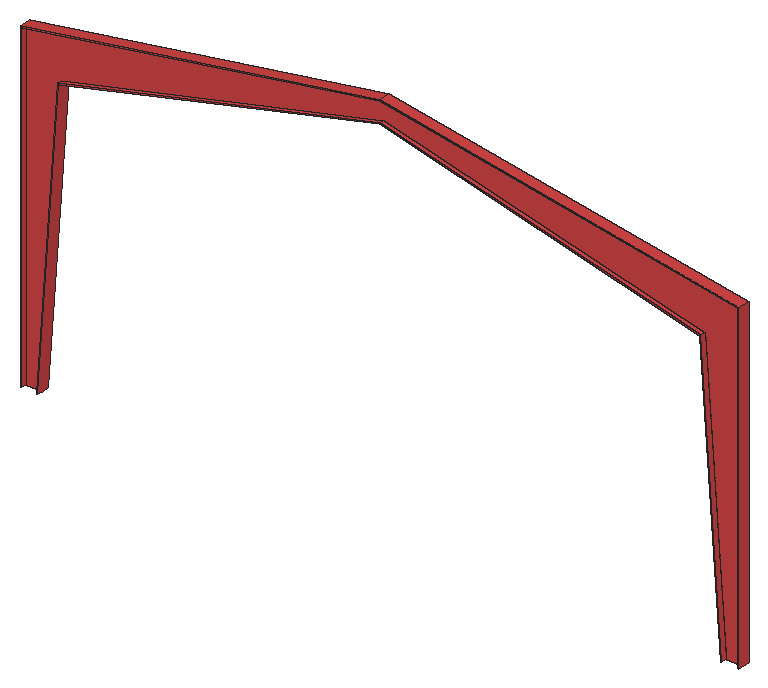
Revit family "STC_A3-05-METAL-FRAME-STRUCTURE", category Structural Framing, Revit 2016
Family settings
  Section Shape = Not Defined
  Material for Model Behavior = Other
  Always export as geometry = No
  Work Plane-Based = No
  Always vertical = Yes
  Cut with Voids When Loaded = No
  Symbolic Representation = From Family
  Shared = No
  Show family pre-cut in plan views = Yes
Parameters (values of type "Metal Frame Structure")
  WIDTH AT COLUMN BASE = 304.8 mm
  WIDTH = 12192 mm
  WEB THICKNESS = 25.4 mm
  T.O. RIDGE OFFSET = 1001.933 mm
  ROOF PITCH = 9.46°
  HEIGHT AT COLUMN = 660.4 mm
  HEIGHT AT CENTER = 355.6 mm
  HEIGHT = 5486.4 mm
  CHORD WIDTH = 203.2 mm
  CHORD THICKNESS = 19.05 mm
Reference planes
  plane 1 "Center (Front/Back)": y = -82.769
  plane 2: z = 0
  plane 3 "Center (Left/Right)": x = 0
  plane 4: x = -6096
  plane 5: x = 6096
  plane 6: z = 5486.4
  plane 7: z = 4826
  plane 8: x = -5435.6
  plane 9: x = 5435.6
  plane 10: x = -5791.2
  plane 11: x = 5791.2
  plane 12: z = 6132.733
  plane 13: y = -70.069
  plane 14: y = -95.469
  plane 15: y = 18.831
  plane 16: y = -184.369
  plane 17: z = 6488.333
Forms (mm)
  Extrusion 1, solid
    sketch origin (0, -82.769, 0) x (1, 0, 0) y (0, 0, 1)
      loop
        line (-6096, 0) -> (-5791.2, 0) -> (-5435.6, 4826) -> (0, 6132.733) -> (5435.6, 4826) -> (5791.2, 0) -> (6096, 0) -> (6096, 5486.4) -> (0, 6502.146) -> (-6096, 5486.4) -> (-6096, 0)
    from -12.7 to 12.7
  Sweep 2, solid
    path in 3D
      loop
        line (6096, -95.469, 0) -> (6096, -95.469, 5486.4) -> (0, -95.469, 6502.146) -> (-6096, -95.469, 5486.4) -> (-6096, -95.469, 0)
    profile origin (-6096, 0, 2743.2) x (-1, 0, 0) y (0, -1, 0)
      loop
        line (0, -18.831) -> (0, 184.369) -> (-19.05, 184.369) -> (-19.05, -18.831) -> (0, -18.831)
  Sweep 3, solid
    path in 3D
      loop
        line (-5791.2, -95.469, 0) -> (-5435.6, -95.469, 4826) -> (0, -95.469, 6132.733) -> (5435.6, -95.469, 4826) -> (5791.2, -95.469, 0)
    profile origin (146.527, -95.469, 1988.584) x (-0.997296, 0, 0.073485) y (0, -1, 0)
      loop
        line (5775.542, -114.3) -> (5794.592, -114.3) -> (5794.592, 88.9) -> (5775.542, 88.9) -> (5775.542, -114.3)
Cuts and joins
  joined: Extrusion 1, Sweep 2, Sweep 3
Lines and regions (mm)
  symbolic lines, style "InvisibleLines"
    curve 1: line (-6096, 0, 0) -> (-6096, 0, 5486.4)
    curve 2: line (-6096, 0, 5486.4) -> (0, 0, 6502.146)
    curve 3: line (0, 0, 6502.146) -> (6096, 0, 5486.4)
    curve 4: line (6096, 0, 5486.4) -> (6096, 0, 0)
    curve 5: line (-6096, 0, 0) -> (-5791.2, 0, 0)
    curve 6: line (-5791.2, 0, 0) -> (-5435.6, 0, 4826)
    curve 7: line (-5435.6, 0, 4826) -> (0, 0, 6132.733)
    curve 8: line (0, 0, 6132.733) -> (5435.6, 0, 4826)
    curve 9: line (5435.6, 0, 4826) -> (5791.2, 0, 0)
    curve 10: line (5791.2, 0, 0) -> (6096, 0, 0)
  sketch lines
    curve 11: line (-6096, -95.469, 5486.4) -> (-6096, -95.469, 0)
    curve 12: line (0, -95.469, 6502.146) -> (-6096, -95.469, 5486.4)
    curve 13: line (6096, -95.469, 5486.4) -> (0, -95.469, 6502.146)
    curve 14: line (6096, -95.469, 0) -> (6096, -95.469, 5486.4)
    curve 15: line (-5791.2, -95.469, 0) -> (-5435.6, -95.469, 4826)
    curve 16: line (-5435.6, -95.469, 4826) -> (0, -95.469, 6132.733)
    curve 17: line (0, -95.469, 6132.733) -> (5435.6, -95.469, 4826)
    curve 18: line (5435.6, -95.469, 4826) -> (5791.2, -95.469, 0)
  model lines, style "STEEL STRUCTURE ABOVE"
    curve 19: line (-5791.2, 18.831, 0) -> (5791.2, 18.831, 0)
    curve 20: line (-5791.2, -184.369, 0) -> (5791.2, -184.369, 0)
    curve 45: line (0, 18.831, 0) -> (0, -184.369, 0)
  model lines, style "STEEL STRUCTURE"
    curve 21: line (-6096, 18.831, 0) -> (-6096, -184.369, 0)
    curve 22: line (-6076.95, 18.831, 0) -> (-6096, 18.831, 0)
    curve 23: line (-6076.95, -184.369, 0) -> (-6076.95, -95.469, 0)
    curve 24: line (-6096, -184.369, 0) -> (-6076.95, -184.369, 0)
    curve 25: line (-5810.198, -70.069, 0) -> (-6076.95, -70.069, 0)
    curve 26: line (-6076.95, -95.469, 0) -> (-5810.198, -95.469, 0)
    curve 27: line (-5810.198, -70.069, 0) -> (-5810.198, 18.831, 0)
    curve 28: line (-5791.2, -184.369, 0) -> (-5791.2, 18.831, 0)
    curve 29: line (-5810.198, -184.369, 0) -> (-5810.198, -95.469, 0)
    curve 30: line (-6076.95, -70.069, 0) -> (-6076.95, 18.831, 0)
    curve 31: line (-5810.198, -184.369, 0) -> (-5791.2, -184.369, 0)
    curve 32: line (-5810.198, 18.831, 0) -> (-5791.2, 18.831, 0)
    curve 33: line (6096, 18.831, 0) -> (6076.95, 18.831, 0)
    curve 34: line (6096, -184.369, 0) -> (6096, 18.831, 0)
    curve 35: line (6076.95, 18.831, 0) -> (6076.95, -70.069, 0)
    curve 36: line (6076.95, -184.369, 0) -> (6096, -184.369, 0)
    curve 37: line (5810.198, -95.469, 0) -> (6076.95, -95.469, 0)
    curve 38: line (6076.95, -70.069, 0) -> (5810.198, -70.069, 0)
    curve 39: line (5810.198, 18.831, 0) -> (5810.198, -70.069, 0)
    curve 40: line (5810.198, -95.469, 0) -> (5810.198, -184.369, 0)
    curve 41: line (5810.198, 18.831, 0) -> (5791.2, 18.831, 0)
    curve 42: line (5810.198, -184.369, 0) -> (5791.2, -184.369, 0)
    curve 43: line (5791.2, 18.831, 0) -> (5791.2, -184.369, 0)
    curve 44: line (6076.95, -95.469, 0) -> (6076.95, -184.369, 0)
Dimensions and locks
  "HEIGHT": plane 6 to level
  "HEIGHT AT COLUMN": plane 6 to plane 7
  "HEIGHT AT COLUMN": plane 4 to plane 8
  "HEIGHT AT COLUMN": plane 9 to plane 5
  "WIDTH AT COLUMN BASE": plane 4 to plane 10
  "WIDTH AT COLUMN BASE": plane 11 to plane 5
  "HEIGHT AT CENTER": plane 17 to plane 12
  "WIDTH": plane 4 to plane 5
  equal spacing: plane 14, plane 1 "Center (Front/Back)", plane 13
  "WEB THICKNESS": plane 14 to plane 13
  equal spacing: plane 16, plane 1 "Center (Front/Back)", plane 15
  "CHORD WIDTH": plane 16 to plane 15
  "T.O. RIDGE OFFSET": plane 17 to plane 6
  "CHORD THICKNESS": plane 4 to Sweep 2 sketch curve
  "CHORD THICKNESS": Sweep 3 sketch curve to Sweep 3 sketch curve
  equal spacing: plane 4, plane 3 "Center (Left/Right)", plane 5
  "ROOF PITCH": angle curve 3 to plane 6
  "ROOF PITCH": angle plane 6 to curve 2
  aligned and locked: level to curve 1
  aligned and locked: curve 1 to plane 4
  aligned and locked: plane 6 to curve 1
  aligned and locked: plane 3 "Center (Left/Right)" to curve 2
  aligned and locked: plane 5 to curve 3
  aligned and locked: plane 10 to curve 5
  aligned and locked: plane 8 to curve 6
  aligned and locked: plane 12 to curve 7
  aligned and locked: plane 7 to curve 8
  aligned and locked: level to curve 9
  aligned and locked: Extrusion 1 sketch curve to curve 1
  aligned and locked: Extrusion 1 sketch curve to curve 2
  aligned and locked: Extrusion 1 sketch curve to curve 7
  aligned and locked: Extrusion 1 sketch curve to curve 6
  aligned and locked: Extrusion 1 sketch curve to curve 3
  aligned and locked: Extrusion 1 sketch curve to curve 8
  aligned and locked: Extrusion 1 sketch curve to curve 9
  aligned and locked: Extrusion 1 sketch curve to curve 4
  aligned and locked: Extrusion 1 sketch curve to curve 5
  aligned and locked: Extrusion 1 sketch curve to curve 10
  aligned and locked: Extrusion 1 to plane 13
  aligned and locked: plane 14 to Extrusion 1
  aligned and locked: plane 4 to Sweep 2 sketch curve
  aligned and locked: plane 16 to Sweep 2 sketch curve
  aligned and locked: Sweep 2 sketch curve to plane 4
  aligned and locked: plane 15 to Sweep 2 sketch curve
  aligned and locked: Sweep 3 sketch curve to plane 16
  aligned and locked: plane 15 to Sweep 3 sketch curve
  aligned and locked: cut or joined group of Extrusion 1, Sweep 2, Sweep 3 to curve 19
  aligned and locked: curve 19 to cut or joined group of Extrusion 1, Sweep 2, Sweep 3
  aligned and locked: plane 10 to curve 20
  aligned and locked: plane 11 to curve 20
  aligned and locked: plane 16 to curve 20
  aligned and locked: curve 21 to cut or joined group of Extrusion 1, Sweep 2, Sweep 3
  aligned and locked: curve 22 to cut or joined group of Extrusion 1, Sweep 2, Sweep 3
  aligned and locked: curve 23 to cut or joined group of Extrusion 1, Sweep 2, Sweep 3
  aligned and locked: curve 24 to cut or joined group of Extrusion 1, Sweep 2, Sweep 3
  aligned and locked: cut or joined group of Extrusion 1, Sweep 2, Sweep 3 to curve 25
  aligned and locked: curve 26 to cut or joined group of Extrusion 1, Sweep 2, Sweep 3
  aligned and locked: curve 27 to cut or joined group of Extrusion 1, Sweep 2, Sweep 3
  aligned and locked: curve 29 to cut or joined group of Extrusion 1, Sweep 2, Sweep 3
  aligned and locked: curve 31 to cut or joined group of Extrusion 1, Sweep 2, Sweep 3
  aligned and locked: curve 32 to cut or joined group of Extrusion 1, Sweep 2, Sweep 3
  aligned and locked: curve 33 to cut or joined group of Extrusion 1, Sweep 2, Sweep 3
  aligned and locked: curve 34 to cut or joined group of Extrusion 1, Sweep 2, Sweep 3
  aligned and locked: curve 35 to cut or joined group of Extrusion 1, Sweep 2, Sweep 3
  aligned and locked: curve 36 to cut or joined group of Extrusion 1, Sweep 2, Sweep 3
  aligned and locked: curve 38 to cut or joined group of Extrusion 1, Sweep 2, Sweep 3
  aligned and locked: curve 39 to cut or joined group of Extrusion 1, Sweep 2, Sweep 3
  aligned and locked: curve 40 to cut or joined group of Extrusion 1, Sweep 2, Sweep 3
  aligned and locked: curve 41 to cut or joined group of Extrusion 1, Sweep 2, Sweep 3
  aligned and locked: curve 42 to cut or joined group of Extrusion 1, Sweep 2, Sweep 3
  aligned and locked: curve 43 to cut or joined group of Extrusion 1, Sweep 2, Sweep 3
  aligned and locked: curve 45 to plane 3 "Center (Left/Right)"
Automatic sketch dimensions
  curve 7 to plane 3 "Center (Left/Right)" = 0 mm
  curve 8 to plane 9 = 0 mm
  curve 9 to plane 11 = 0 mm
  curve 7 to plane 7 = 0 mm
  Sweep 3 sketch curve to profile plane = 0 mm
  curve 37 to plane 14 = 0 mm
  curve 21 to curve 22 = 19.05 mm
  plane 5 to curve 36 = 19.05 mm
